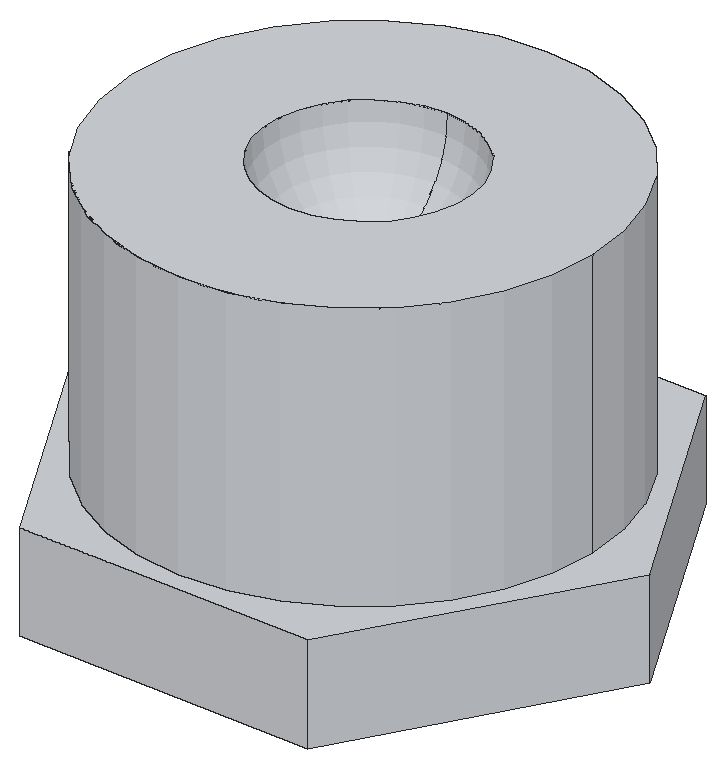
Revit family "HSP1B", category Generic Models, Revit 2017
Family settings
  Can host rebar = No
  Round Connector Dimension = Use Diameter
  Part Type = Normal
  Work Plane-Based = Yes
  Always vertical = No
  Cut with Voids When Loaded = No
  Shared = No
  Room Calculation Point = No
Parameters (values of type "NBS Standard Parameters")
  Weight = "0.0324Kg"
  WarrantyStartDate [instance] = "1900-12-31T23:59:59"
  WarrantyGuarantorParts = "n/a"
  WarrantyGuarantorLabor = "n/a"
  WarrantyDurationUnit = "1 year"
  WarrantyDurationParts = "n/a"
  WarrantyDurationLabor = "n/a"
  WarrantyDescription = "n/a"
  Version = "1"
  Uniclass2 = "Pr_65_70_11_20"
  TagNumber [instance] = "n/a"
  SustainabilityPerformance = "n/a"
  Size = "20mm"
  Shape = "Circular"
  SerialNumber [instance] = "n/a"
  Revision = "n/a"
  ReplacementCost = "n/a"
  ProductInformation = "www.metpro.co.uk/pdf/hsp1g.pdf"
  NominalWidth = 20.7 mm
  NominalLength = 20.7 mm
  NominalHeight = 15 mm
  Name = ""
  NBSTypeID = ""
  NBSReference = "90-55-10/460"
  NBSOfficeMasterTag = ""
  NBSNote = ""
  NBSDescription = "Conduit Fittings"
  NBSCertification = ""
  ModelReference = "HSP1B"
  ModelNumber = "n/a"
  Material = "Steel"
  ManufacturerURL = "www.metpro.co.uk"
  ManufacturerName = "Metpro Ltd"
  Keynote = "Complaint to LU Standard 1-085"
  InstallationDate [instance] = "1900-12-31T23:59:59"
  IfcExportType = ""
  IfcExportAs = ""
  Grade = "n/a"
  Finish = "Black"
  Features = "n/a"
  ExpectedLife = "n/a"
  DurationUnit = "year"
  Description = "HSP1B  20mm Hexaganol Stopping Plug"
  Default Elevation = 1219.2 mm
  Constituents = "n/a"
  Color = "n/a"
  CodePerformance = "n/a"
  Category = "n/a"
  BarCode [instance] = "n/a"
  BIMObjectName = "Metpro_Metprolibrary_Conduitfittings_metalcomponents_Steelaccessories"
  Author = "Metpro Limited"
  AssetType = ""
  AssetIdentifier [instance] = "n/a"
  AccessibilityPerformance = "n/a"
Reference planes
  plane 1 "Center (Front/Back)": y = 0
  plane 2: z = 0
  plane 3 "Center (Left/Right)": x = 0
Forms (mm)
  Extrusion 1, solid
    sketch origin (2.366, -16.98, 9.52) x (0, 1, 0) y (-1, 0, 0)
      loop
        line (0, -11.866) -> (10.276, -5.933) -> (10.276, 5.933) -> (0, 11.866) -> (-10.276, 5.933) -> (-10.276, -5.933) -> (0, -11.866)
    from 0 to 4
  Extrusion 2, solid
    sketch origin (2.366, -16.98, 9.52) x (0, 1, 0) y (-1, 0, 0)
      loop
        circle (0, 0) r 9.5
    from 3 to 15
  Revolve 3, void
    sketch origin (2.366, -16.695, 50.844) x (0, 0, 1) y (0, -1, 0)
      loop
        arc (-22.46, 0) -> (-26.5, 4.04) -> (-30.54, 0) r 4.04
        line (-30.54, 0) -> (-22.46, 0)
      axis (-22.46, 0) -> (-30.54, 0)
    angle from 0 to 360
Cuts and joins
  Revolve 3 cuts Extrusion 2
Dimensions and locks
  aligned and locked: level to plane 2
